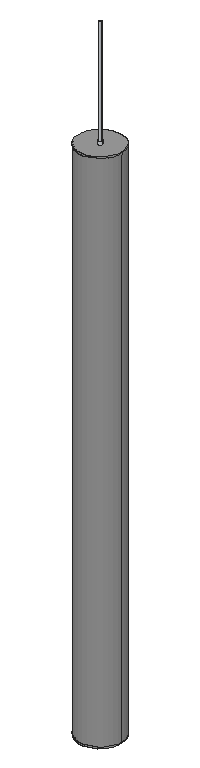
Revit family "Libra_V_28W_4000K_3780LM", category Lighting Fixtures, host Ceiling, Revit 2021
Family settings
  Host = Ceiling
  Round Connector Dimension = Use Diameter
  Part Type = Normal
  OmniClass Number = 23.80.70.11
  OmniClass Title = Luminaries for Internal Lighting
  Always vertical = Yes
  Cut with Voids When Loaded = No
  Light Source = Yes
  Shared = No
  Room Calculation Point = No
Parameters (values of type "Type 1")
  Wattage = 25.4474 W
  built-in parameter 1150110 = 1 (stored number, unit not read)
  Type de lampe = "LED Samsung 2835 - 28W/m"
  Type = "Suspension tubulaire"
  built-in parameter 1114217 = 1 (stored number, unit not read)
  Tilt Angle = 90.00°
  Température = "4000K (disponible en 3000K - sur demande)"
  built-in parameter 1150109 = 1 (stored number, unit not read)
  built-in parameter 1150134 = 12
  built-in parameter 1150113 = 1 (stored number, unit not read)
  SDCM = "<3"
  Puissance nominale = "28W"
  Photometric Web File = "google_eulumdat_converter (11).ies"
  Matériau = "Acrylique et embouts en aluminium"
  Maintien du flux = "L80B10 (50 000 heures)"
  Lumens = 3780 lm
  built-in parameter 1150115 = 1 (stored number, unit not read)
  built-in parameter 1150105 = 300.8 (stored number, unit not read)
  built-in parameter 1150137 = (empty or 0)
  built-in parameter 1150139 = (empty or 0)
  built-in parameter 1150112 = 1 (stored number, unit not read)
  built-in parameter 1150114 = 1 (stored number, unit not read)
  built-in parameter 1150132 = 2
  built-in parameter 1150102 = (empty or 0)
  built-in parameter 1150138 = (empty or 0)
  built-in parameter 1150107 = 4000 (stored number, unit not read)
  built-in parameter 1150106 = 3.008 (stored number, unit not read)
  IRC = ">80"
  Flux lumineux = "3780 lm"
  built-in parameter 1150104 = 13.8 (stored number, unit not read)
  Durée de vie = "50 000 heures"
  Driver = "Driver Osram (déporté 230V/CC) - 350mA"
  Dimming Lamp Color Temperature Shift = <None>
  Dimensions = "ø 100 mm; H : 1210 mm"
  Diffuseur = "Satiné mat"
  Default Elevation = 0 mm
  Color Filter = 16777215
  built-in parameter 1114218 = 1 (stored number, unit not read)
  built-in parameter 1150133 = 10 (stored number, unit not read)
  Angle d'éclairage = "360°"
  Alimentation luminaire = "700mA"
  Alimentation Driver = "AC 220-240V"
Reference planes
  plane 1 "Light Source Axis (F/B)": y = 0
  plane 2: z = 0
  plane 3 "Light Source Axis (L/R)": x = 0
  plane 4 "Ceiling": z = 4000
  plane 5 "Light Source Elevation": z = 3171.806
Forms (mm)
  Extrusion 1, solid, material "Glass, White, High Luminance"
    sketch origin (0, 0, 4000) x (0, 1, 0) y (-1, 0, 0)
      loop
        circle (0, 0) r 50
    from -1456.686 to -252.881
  Extrusion 2, solid, material "Default"
    sketch origin (0, 0, 4000) x (0, 1, 0) y (-1, 0, 0)
      loop
        circle (0, 0) r 50
    from -1460 to -1456.686
  Extrusion 3, solid, material "Default"
    sketch origin (0, 0, 4110) x (0, 1, 0) y (-1, 0, 0)
      loop
        circle (0, 0) r 50
    from -362.881 to -360
  Extrusion 4, solid
    sketch origin (0, 0, 4000) x (0, 1, 0) y (-1, 0, 0)
      loop
        circle (0, 0) r 5
    from -250 to -244.876
  Extrusion 5, solid
    sketch origin (0, 0, 4000) x (0, 1, 0) y (-1, 0, 0)
      loop
        circle (0, 0) r 2.457
    from -250 to 0
Lines and regions (mm)
  reference lines
    curve 1: circle (0, 0, 4000) r 50 normal (0, 0, -1)
    curve 2: line (0, 0, 3750) -> (0, 0, 3140)
    curve 3: line (0, 0, 3140) -> (-50, 0, 3140)
    curve 4: line (0, 0, 3750) -> (0, 0, 2840)
    curve 5: line (0, 0, 2840) -> (25, 0, 2840)
    curve 6: line (0, 0, 3750) -> (0, 0, 2540)
Dimensions and locks
  equal spacing: host sketch curve, plane 3 "Light Source Axis (L/R)", host sketch curve
  equal spacing: host sketch curve, plane 1 "Light Source Axis (F/B)", host sketch curve
  host sketch curve to host sketch curve = 4000 mm  (x2)
  plane 4 "Ceiling" to host ceiling = 0 mm
  aligned and locked: plane 1 "Light Source Axis (F/B)" to imposter light
  aligned and locked: plane 5 "Light Source Elevation" to imposter light
